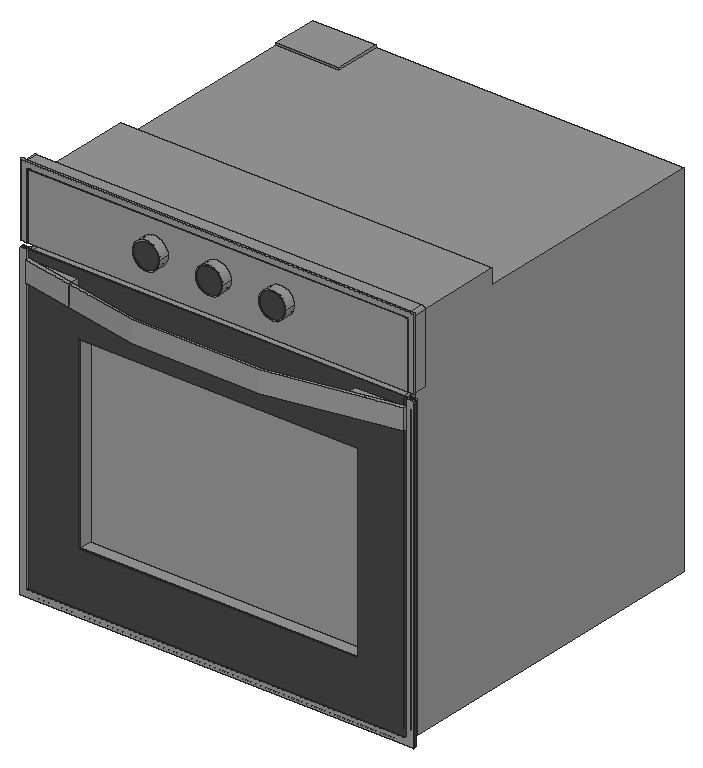
Revit family "HBB 535 SS", category Specialty Equipment, Revit 2017 (continued)
Lines and regions (mm)
  Split face 196
    outline origin (0, 0, 0) x (1, 0, 0) y (0, 0, -1)
      loop
        line (94.667, -514.895) -> (95.667, -514.895) -> (95.05, -512.595)
      loop
        line (95.367, -512.595) -> (96.067, -515.195)
  Split face 197
    outline origin (0, 0, 0) x (1, 0, 0) y (0, 0, -1)
      loop
        line (91.972, -518.169) -> (90.207, -518.52) -> (90.573, -520.359) -> (92.338, -520.008) -> (91.972, -518.169)
  Split face 198
    outline origin (0, 0, 0) x (1, 0, 0) y (0, 0, -1)
      loop
        line (91.554, -520.164) -> (91.188, -518.325)
      loop
        line (91.357, -520.203) -> (90.992, -518.364)
  Split face 199
    outline origin (0, 0, 0) x (1, 0, 0) y (0, 0, -1)
      loop
        line (87.517, -519.336) -> (85.854, -520.025) -> (86.572, -521.757) -> (88.235, -521.068) -> (87.517, -519.336)
  Split face 200
    outline origin (0, 0, 0) x (1, 0, 0) y (0, 0, -1)
      loop
        line (87.311, -521.451) -> (86.593, -519.718)
      loop
        line (86.778, -519.642) -> (87.496, -521.374)
  Split face 201
    outline origin (0, 0, 0) x (1, 0, 0) y (0, 0, -1)
      loop
        line (83.376, -521.349) -> (81.879, -522.35) -> (82.921, -523.909) -> (84.417, -522.908) -> (83.376, -521.349)
  Split face 202
    outline origin (0, 0, 0) x (1, 0, 0) y (0, 0, -1)
      loop
        line (83.586, -523.464) -> (82.544, -521.905)
      loop
        line (83.752, -523.353) -> (82.71, -521.794)
  Split face 203
    outline origin (0, 0, 0) x (1, 0, 0) y (0, 0, -1)
      loop
        line (75.233, -520.738) -> (75.233, -523.338) -> (76.433, -523.338) -> (76.433, -520.738) -> (75.233, -520.738)
  Split face 204
    outline origin (0, 0, 0) x (1, 0, 0) y (0, 0, -1)
      loop
        line (76.033, -520.738) -> (76.033, -522.538) -> (75.233, -522.538) -> (76.033, -523.338)
  Split face 205
    outline origin (0, 0, 0) x (1, 0, 0) y (0, 0, -1)
      loop
        line (74.458, -520.738) -> (73.258, -520.738) -> (73.258, -523.338) -> (74.458, -523.338) -> (74.458, -520.738)
  Split face 206
    outline origin (0, 0, 0) x (1, 0, 0) y (0, 0, -1)
      loop
        line (73.258, -520.738) -> (74.158, -522.738) -> (73.258, -522.738)
  Split face 207
    outline origin (0, 0, 0) x (1, 0, 0) y (0, 0, -1)
      loop
        arc (73.258, -522.738) -> (73.858, -523.338) -> (74.458, -522.738) r 0.6
  Split face 208
    outline origin (0, 0, 0) x (1, 0, 0) y (0, 0, -1)
      loop
        line (74.458, -521.038) -> (73.658, -521.038) -> (74.458, -522.738)
  Split face 209
    outline origin (0, 0, 0) x (1, 0, 0) y (0, 0, -1)
      loop
        line (77.207, -521.338) -> (77.207, -522.738)
        arc (77.207, -522.738) -> (77.807, -523.338) -> (78.407, -522.738) r 0.6
        line (78.407, -522.738) -> (78.407, -521.338)
        arc (78.407, -521.338) -> (77.807, -520.738) -> (77.207, -521.338) r 0.6
  Split face 210
    outline origin (0, 0, 0) x (1, 0, 0) y (0, 0, -1)
      loop
        arc (77.507, -522.738) -> (77.807, -523.038) -> (78.107, -522.738) r 0.3
        line (78.107, -522.738) -> (78.107, -521.338)
        arc (78.107, -521.338) -> (77.807, -521.038) -> (77.507, -521.338) r 0.3
        line (77.507, -521.338) -> (77.507, -522.738)
  Split face 211
    outline origin (0, 0, 0) x (1, 0, 0) y (0, 0, -1)
      loop
        arc (137.187, -507.113) -> (136.487, -504.827) -> (135.787, -507.113) r 1.25
        line (135.787, -507.113) -> (135.787, -511.18)
        arc (135.787, -511.18) -> (136.487, -511.88) -> (137.187, -511.18) r 0.7
        line (137.187, -511.18) -> (137.187, -507.113)
  Split face 212
    outline origin (0, 0, 0) x (1, 0, 0) y (0, 0, -1)
      loop
        line (136.087, -506.873) -> (136.087, -508.273) -> (136.887, -508.273) -> (136.887, -506.873)
        arc (136.887, -506.873) -> (136.487, -505.218) -> (136.087, -506.873) r 0.875
  Split face 213
    outline origin (0, 0, 0) x (1, 0, 0) y (0, 0, -1)
      loop
        arc (136.087, -511.131) -> (136.487, -511.531) -> (136.887, -511.131) r 0.4
        line (136.887, -511.131) -> (136.887, -508.573) -> (136.087, -508.573) -> (136.087, -511.131)
  Split face 214
    outline origin (0, 0, 0) x (1, 0, 0) y (0, 0, -1)
      loop
        line (79.264, -523.691) -> (77.992, -524.963) -> (79.759, -526.731) -> (81.032, -525.458) -> (79.264, -523.691)
  Split face 215
    outline origin (0, 0, 0) x (1, 0, 0) y (0, 0, -1)
      loop
        line (78.699, -524.256) -> (80.466, -526.024)
  Split face 216
    outline origin (0, 0, 0) x (1, 0, 0) y (0, 0, -1)
      loop
        line (80.325, -526.165) -> (78.557, -524.398)
  Split face 217
    outline origin (0, 0, 0) x (1, 0, 0) y (0, 0, -1)
      loop
        line (76.65, -527.578) -> (75.65, -529.075) -> (77.209, -530.116) -> (78.21, -528.62) -> (76.65, -527.578)
  Split face 218
    outline origin (0, 0, 0) x (1, 0, 0) y (0, 0, -1)
      loop
        line (77.765, -529.285) -> (76.206, -528.243)
      loop
        line (77.654, -529.451) -> (76.095, -528.409)
  Split face 219
    outline origin (0, 0, 0) x (1, 0, 0) y (0, 0, -1)
      loop
        line (74.326, -531.553) -> (73.637, -533.216) -> (75.369, -533.934) -> (76.058, -532.271) -> (74.326, -531.553)
  Split face 220
    outline origin (0, 0, 0) x (1, 0, 0) y (0, 0, -1)
      loop
        line (75.675, -533.195) -> (73.943, -532.477)
      loop
        line (75.752, -533.01) -> (74.019, -532.293)
  Split face 221
    outline origin (0, 0, 0) x (1, 0, 0) y (0, 0, -1)
      loop
        line (72.821, -535.906) -> (72.47, -537.671) -> (74.309, -538.037) -> (74.66, -536.272) -> (72.821, -535.906)
  Split face 222
    outline origin (0, 0, 0) x (1, 0, 0) y (0, 0, -1)
      loop
        line (74.504, -537.056) -> (72.665, -536.691)
      loop
        line (74.465, -537.253) -> (72.626, -536.887)
  Split face 223
    outline origin (0, 0, 0) x (1, 0, 0) y (0, 0, -1)
      loop
        line (74.069, -540.469) -> (71.569, -540.469) -> (71.569, -542.269) -> (74.069, -542.269) -> (74.069, -540.469)
  Split face 224
    outline origin (0, 0, 0) x (1, 0, 0) y (0, 0, -1)
      loop
        line (74.069, -541.269) -> (71.569, -541.269)
      loop
        line (74.069, -541.469) -> (71.569, -541.469)
  Split face 225
    outline origin (0, 0, 0) x (1, 0, 0) y (0, 0, -1)
      loop
        line (65.533, -542.59) -> (65.533, -541.49) -> (65.533, -539.99) -> (64.333, -539.99) -> (64.333, -542.59) -> (65.533, -542.59)
  Split face 226
    outline origin (0, 0, 0) x (1, 0, 0) y (0, 0, -1)
      loop
        line (65.533, -541.49) -> (64.633, -541.49) -> (64.633, -542.29) -> (65.533, -542.29)
  Split face 227
    outline origin (0, 0, 0) x (1, 0, 0) y (0, 0, -1)
      loop
        line (64.333, -540.29) -> (65.233, -540.29) -> (65.233, -541.19) -> (64.333, -541.19)
  Split face 228
    outline origin (0, 0, 0) x (1, 0, 0) y (0, 0, -1)
      loop
        arc (66.178, -541.99) -> (66.778, -542.59) -> (67.378, -541.99) r 0.6
        line (67.378, -541.99) -> (67.378, -540.59)
        arc (67.378, -540.59) -> (66.778, -539.99) -> (66.178, -540.59) r 0.6
        line (66.178, -540.59) -> (66.178, -541.99)
  Split face 229
    outline origin (0, 0, 0) x (1, 0, 0) y (0, 0, -1)
      loop
        arc (66.478, -541.99) -> (66.778, -542.29) -> (67.078, -541.99) r 0.3
        line (67.078, -541.99) -> (67.078, -540.59)
        arc (67.078, -540.59) -> (66.778, -540.29) -> (66.478, -540.59) r 0.3
        line (66.478, -540.59) -> (66.478, -541.99)
  Split face 230
    outline origin (0, 0, 0) x (1, 0, 0) y (0, 0, -1)
      loop
        arc (-19.235, -561.085) -> (-18.985, -561.335) -> (-18.735, -561.085) r 0.25
        arc (-18.735, -561.085) -> (-18.435, -560.785) -> (-18.135, -561.085) r 0.3
        line (-18.135, -561.085) -> (-18.135, -564.115)
        arc (-18.135, -564.115) -> (-17.885, -564.365) -> (-17.635, -564.115) r 0.25
        line (-17.635, -564.115) -> (-17.635, -561.633)
        arc (-17.635, -561.633) -> (-17.335, -561.333) -> (-17.035, -561.633) r 0.3
        arc (-17.035, -561.633) -> (-16.785, -561.883) -> (-16.535, -561.633) r 0.25
        arc (-16.535, -561.633) -> (-16.235, -561.333) -> (-15.935, -561.633) r 0.3
        arc (-15.935, -561.633) -> (-15.685, -561.883) -> (-15.435, -561.633) r 0.25
        arc (-15.435, -561.633) -> (-15.135, -561.333) -> (-14.835, -561.633) r 0.3
        arc (-14.835, -561.633) -> (-14.585, -561.883) -> (-14.335, -561.633) r 0.25
        line (-14.335, -561.633) -> (-14.335, -559.554)
        arc (-14.335, -559.554) -> (-16.679, -557.248) -> (-19.235, -559.316) r 2.469
        line (-19.235, -559.316) -> (-19.235, -561.085)
  Split face 231
    outline origin (0, 0, 0) x (1, 0, 0) y (0, 0, -1)
      loop
        line (-2.241, -575.963) -> (-2.648, -576.669) -> (-1.977, -577.104) -> (-1.57, -576.399)
        arc (-1.57, -576.399) -> (-1.916, -576.198) -> (-2.241, -575.963) r 4.101
  Split face 232
    outline origin (0, 0, 0) x (1, 0, 0) y (0, 0, -1)
      loop
        line (-2.151, -577.004) -> (-1.746, -576.303)
  Split face 233
    outline origin (0, 0, 0) x (1, 0, 0) y (0, 0, -1)
      loop
        line (1.561, -576.385) -> (1.965, -577.085) -> (2.658, -576.685) -> (2.254, -575.985)
        arc (2.254, -575.985) -> (1.913, -576.194) -> (1.561, -576.385) r 7.61
  Split face 234
    outline origin (0, 0, 0) x (1, 0, 0) y (0, 0, -1)
      loop
        line (-0.1, -576.726) -> (-0.1, -577.798)
      loop
        line (0.1, -577.864) -> (0.1, -576.726)
  Split face 235
    outline origin (0, 0, 0) x (1, 0, 0) y (0, 0, -1)
      loop
        line (2.154, -577.012) -> (1.738, -576.292)
  Split face 236
    outline origin (0, 0, 0) x (1, 0, 0) y (0, 0, -1)
      loop
        line (133.671, -510.268) -> (133.671, -505.768) -> (117.671, -505.768) -> (117.671, -510.268) -> (133.671, -510.268)
  Split face 237
    outline origin (0, 0, 0) x (1, 0, 0) y (0, 0, -1)
      loop
        line (115.599, -522.213) -> (116.499, -522.213)
      loop
        line (116.499, -521.913) -> (115.599, -521.913)
  Split face 238
    outline origin (-917.721, 0, 4005.545) x (-1, 0, 0) y (0, 0, 1)
      loop
        circle (-908.813, -3943.28) r 2.5
  Split face 239
    outline origin (-917.721, 0, 4005.545) x (-1, 0, 0) y (0, 0, 1)
      loop
        line (-904.666, -3946.782) -> (-931.666, -3946.782) -> (-931.226, -3948.424) -> (-908.729, -3948.424) -> (-906.246, -3956.561) -> (-904.546, -3956.561) -> (-906.726, -3948.424) -> (-904.226, -3948.424) -> (-904.666, -3946.782)
  Split face 240
    outline origin (-917.721, 0, 4005.545) x (-1, 0, 0) y (0, 0, 1)
      loop
        line (-915.375, -3952.501) -> (-911.187, -3954.919) -> (-914.572, -3954.919) -> (-914.132, -3956.561) -> (-911.955, -3956.561)
        arc (-911.955, -3956.561) -> (-909.3, -3950.854) -> (-915.375, -3952.501) r 3.471
  Split face 241
    outline origin (-917.721, 0, 4005.545) x (-1, 0, 0) y (0, 0, 1)
      loop
        line (-913.575, -3952.154) -> (-910.334, -3954.025)
        arc (-910.334, -3954.025) -> (-911.019, -3951.47) -> (-913.575, -3952.154) r 1.871
  Split face 242
    outline origin (-917.721, 0, 4005.545) x (-1, 0, 0) y (0, 0, 1)
      loop
        line (-917.348, -3949.969) -> (-919.048, -3949.969) -> (-918.389, -3952.428) -> (-920.848, -3949.969) -> (-923.11, -3949.969) -> (-919.767, -3953.313) -> (-922.607, -3956.561) -> (-920.481, -3956.561) -> (-918.032, -3953.759) -> (-917.281, -3956.561) -> (-915.581, -3956.561) -> (-917.348, -3949.969)
  Split face 243
    outline origin (-917.721, 0, 4005.545) x (-1, 0, 0) y (0, 0, 1)
      loop
        line (-928.53, -3951.213) -> (-928.863, -3949.969) -> (-930.812, -3949.969) -> (-929.046, -3956.561) -> (-925.951, -3956.561)
        arc (-925.951, -3956.561) -> (-922.982, -3951.833) -> (-928.53, -3951.213) r 3.296
  Split face 244
    outline origin (-917.721, 0, 4005.545) x (-1, 0, 0) y (0, 0, 1)
      loop
        line (-927.946, -3953.393) -> (-927.498, -3955.065) -> (-926.151, -3955.065)
        arc (-926.151, -3955.065) -> (-924.924, -3951.948) -> (-927.946, -3953.393) r 1.8
Dimensions and locks
  aligned and locked: level to plane 2
  aligned and locked: Extrusion 4 sketch curve to Extrusion 4 sketch curve
Connectors
  electrical at (-232.002, 494.5, 555.545)
    settings: on Extrusion 18, index 1, voltage 220 V, apparent load 0 VA, apparent load phase1 0 VA, apparent load phase2 0 VA, apparent load phase3 0 VA, power factor 1, load classification "Otro", number of poles 1, system type 30, power factor state 1, is connector primary yes, connector utility no, sub classification motor no, connector description ""
